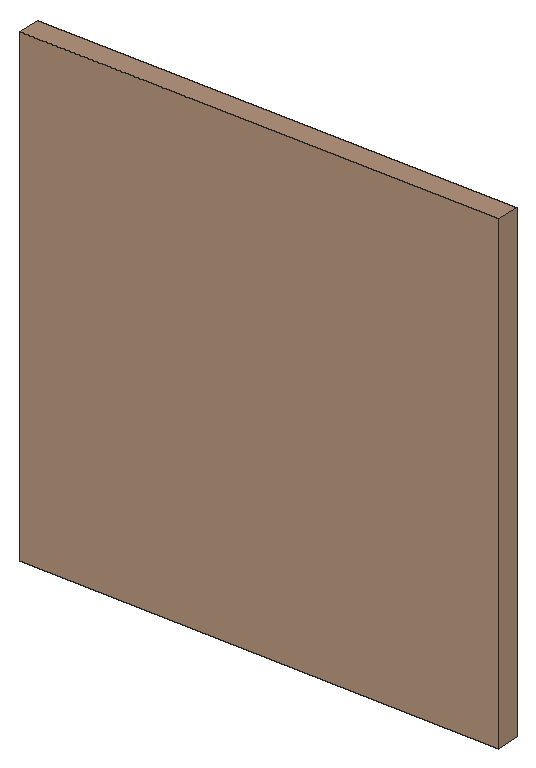
Revit family "Desk_Accessories-Teknion-RDML_Flush_Mounted_Modesty_Panel_Solid-R2019", category Furniture, Revit 2019
Family settings
  OmniClass Number = 23.40.20.00
  OmniClass Title = General Furniture and Specialties
  Work Plane-Based = No
  Always vertical = Yes
  Cut with Voids When Loaded = No
  Shared = Yes
  Room Calculation Point = No
Parameters (values of type "3/4 Height Modesty Panel")
  Width [instance] = 24.000"
  Warranty = "http://www.teknion.com/ca/papers/legal-canada"
  Unit Weight URL = "http://www.teknion.com/ca/tools/assets#&asset=bee6a381-b954-425e-8283-5a2de3a804f2,f828d448-4b62-4231-9e5f-9a8991c0ed77"
  URL = "www.teknion.com"
  To render please download texture images found here [instance] = "https://assets.teknion.com/web/5e81352c1dfdb467/revit-material-swatches/"
  Sustainability Data = "https://www.teknion.com/ca/tools/assets#&topic=216f99a5-57a0-44fc-b10a-9dee9b29ae4c&asset=444deb64-fe58-4b68-981e-f75e97781df7,b4ff2d81-9f2e-437d-9659-7cffb09c31cf"
  Series = "Expansion Desking"  # constant formula
  Product Page URL = "https://www.teknion.com/ca/products/product-details?productLineId=2b4e336e-8e7a-673b-a6c8-ff00004460c4"
  Product Line = "Expansion Desking"  # constant formula
  Product Documentation Link = "https://www.teknion.com/pricing/expansion-desking/pdfs/rdml_ppg.pdf"
  Part Number = "RDML"  # constant formula
  Modesty Panel Finish [instance] = Source Laminate - Teknion - 3M - Provincial Oak (Cross Grain)
  Model = "RDMLT__"
  Manufacturer Phone = "416-661-3370"  # constant formula
  Manufacturer Fax = "416.661.4586"  # constant formula
  Manufacturer Contact Information = "http://www.teknion.com/ca/contactus"
  Manufacturer Address = "1150 Flint Road, Toronto, ON. M3J 2J5. Canada"  # constant formula
  Manufacturer = "Teknion"  # constant formula
  How To Use Teknion Materials User Guide [instance] = "https://assets.teknion.com/m/205dd0a49fa58060/original/How-to-add-a-Material-Library-and-Texture-Images-to-your-Revit-project.pdf"
  For Additional Finishes please visit [instance] = "https://assets.teknion.com/m/44a8009b046e5d47/original/Teknion_Materials_Library.zip"
  Description = "Flush-Mounted Modesty Panel – Solid, 3/4 Height Modesty Panel"
  Bottom Modesty Panel Offset = 6.697"
  Available Widths [instance] = "24, 30, 36, 42, 48, 54, 60, 66, 72, 78, or 84 inches."  # constant formula
  Assembly Code = "E2020200"
  Actual Width [instance] = Width - 2.697"  # 21.303"
Types (3): name | Model | Description | Bottom Modesty Panel Offset
  (no name) | "RDMLT__" | "Flush-Mounted Modesty Panel – Solid, 3/4 Height Modesty Panel" | 6.697"
  Full-Height Modesty Panel | "RDMLF__" | "Flush-Mounted Modesty Panel – Solid, Full-Height Modesty Panel" | 0.60236"
  3/4 Height Modesty Panel | "RDMLT__" | "Flush-Mounted Modesty Panel – Solid, 3/4 Height Modesty Panel" | 6.697"
Reference planes (in)
  plane 1 "Center Front/Back": y = 0.07376
  plane 2: z = 0
  plane 3 "Center Left/Right": x = 1.05528
  plane 4 "Left": x = -9.59622
  plane 5 "Right": x = 11.70678
  plane 6 "Back": y = 0.58164
  plane 7 "Front": y = -0.43411
  plane 8 "Top": z = 27.81102
  plane 9: z = 6.697
Forms (in)
  Sweep 1, solid, material "Source Laminate - Teknion - 3M - Provincial Oak (Cross Grain)" <- "Modesty Panel Finish"
    path origin (0, 0.07376, 0) x (1, 0, 0) y (0, 0, 1)
      loop
        line (1.05528, 6.697) -> (1.05528, 27.81102)
    profile origin (1.05528, 0.07376, 17.25401) x (-1, 0, 0) y (0, -1, 0)
      loop
        line (10.6515, 0.50787) -> (-10.6515, 0.50787) -> (-10.6515, -0.50787) -> (10.6515, -0.50787) -> (10.6515, 0.50787)
Lines and regions (in)
  symbolic lines, style "FurnitureHiddenLines", detail levels medium+fine
    curve 1: line (-9.59622, 0.58164, 0) -> (11.70678, 0.58164, 0)
    curve 2: line (-9.59622, 0.58164, 0) -> (-9.59622, -0.43411, 0)
    curve 3: line (-9.59622, -0.43411, 0) -> (11.70678, -0.43411, 0)
    curve 4: line (11.70678, 0.58164, 0) -> (11.70678, -0.43411, 0)
  reference lines
    curve 5: line (-9.59622, 0.58164, 0) -> (-9.59622, -0.43411, 0)
    curve 6: line (11.70678, 0.58164, 0) -> (11.70678, -0.43411, 0)
Dimensions and locks (in)
  "Actual Width": plane 4 "Left" to plane 5 "Right"
  locked: plane 6 "Back" to plane 7 "Front" at 1.01575
  locked: plane 8 "Top" to level at 27.81102
  equal spacing: plane 7 "Front", plane 1 "Center Front/Back", plane 6 "Back"
  equal spacing: plane 4 "Left", plane 3 "Center Left/Right", plane 5 "Right"
  "Bottom Modesty Panel Offset": plane 9 to level
  aligned and locked: level to plane 2
  aligned and locked: plane 8 "Top" to Sweep 1 sketch curve
  aligned and locked: plane 9 to Sweep 1 sketch curve
  aligned and locked: plane 3 "Center Left/Right" to Sweep 1 sketch curve
  aligned and locked: plane 7 "Front" to Sweep 1 sketch curve
  aligned and locked: Sweep 1 sketch curve to plane 4 "Left"
  aligned and locked: Sweep 1 sketch curve to plane 6 "Back"
  aligned and locked: Sweep 1 sketch curve to plane 5 "Right"
  aligned and locked: curve 1 to plane 6 "Back"
  aligned and locked: curve 2 to plane 4 "Left"
  aligned and locked: plane 7 "Front" to curve 3
  aligned and locked: curve 4 to plane 5 "Right"
  aligned and locked: curve 5 to plane 4 "Left"
  aligned and locked: curve 6 to plane 5 "Right"
Automatic sketch dimensions
  plane 7 "Front" to curve 5 = 0.000"
  curve 5 to plane 6 "Back" = 0.000"
  plane 7 "Front" to curve 6 = 0.000"
  curve 6 to plane 6 "Back" = 0.000"
